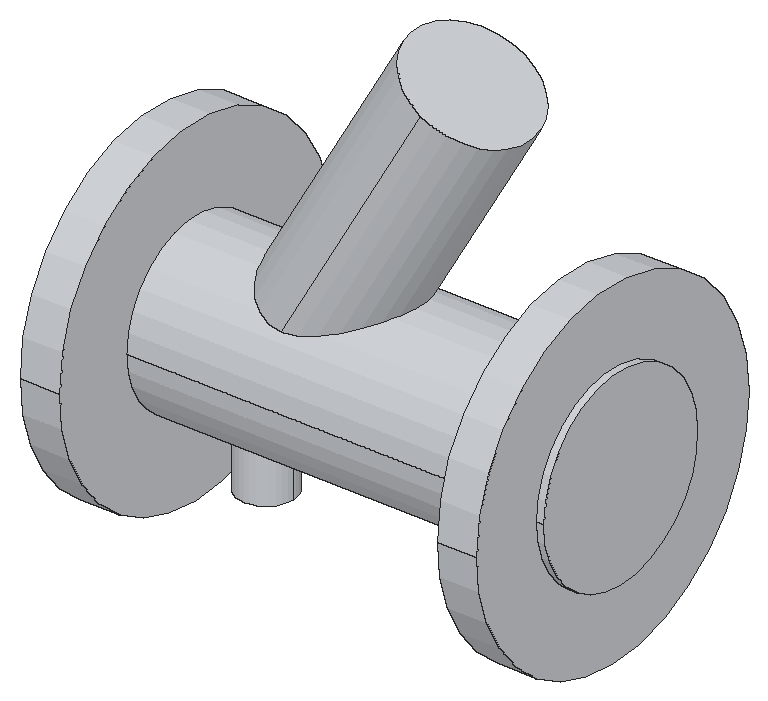
Revit family "HS 821-síto_jemné-PN16-DN025-RFA_2019", category Pipe Accessories, Revit 2019
Family settings
  Round Connector Dimension = Use Diameter
  Part Type = Breaks Into
  Work Plane-Based = No
  Always vertical = Yes
  Cut with Voids When Loaded = No
  Shared = No
Parameters (values of type "821A-DN025-PN16-síto_jemné")
  magiProductId = "be378b463ed14c3abf4c9b3ae8cf3a"
  magiProductFamilyId = "79214ac3aaa945e397802f559f5c1e"
  magiPartTypeId = 307
  isMeasuringValve [instance] = no
  ang2D [instance] = 0.00°
  ZB__ve = -ZB  # -19.25 mm
  ZB1 = 26.325 mm
  ZB = 19.25 mm
  X2 = 58.601 mm
  X1 = 22.4 mm
  W2D = 15 mm
  VersionID = "2.0/2017.9.26.1/ZETKAMA_821_001"
  Use Minimum Symbol Size [instance] = yes
  URL = "www.hydronix.cz"
  Type Comments = "Filtr přírubový; síto jemné; A-PN16 (-10~300°C); D-PN25 (-10~350°C); F-PN40 (-10~400°C)"
  S = 65 mm
  QmdConnectorList = "301;D;302;D"
  Productdata [instance] = ""
  Manufacturer = "Hydronix"
  MC Product Code = "210 125 (821A; DN025; PN16; kvs14,2; oko síta 0,63mm)"
  LM1 = 12.8 mm
  LM = 128 mm
  L4 = 40 mm
  L2D_Min = 3048 mm
  L2D = 130 mm
  L2 = 80 mm
  HH2 = 101.5 mm
  FD = 115 mm
  Description = "Filtr přírubový; síto jemné; 821A-PN16; 821D-PN25; 821F-PN40"
  DM1 = 43.2 mm
  DM = 58.5 mm
  D = 25 mm
  CC = 2.72 mm
  CAT0 = yes
  C1 = 13.28 mm
  C = 16 mm
  BD = 18.427 mm
Types (40, lengths in mm): name | magiProductId | ZB__ve | ZB1 | ZB | X2 | X1 | S | MC Product Code | LM1 | LM | L4 | L2 | HH2 | FD | DM1 | DM | D | CC | C1 | C | BD
  821A-DN015-PN16-síto_jemné | "a71bcfe8b393460598b23e8ddf7dc5" | -16.25 | 18.63 | 16.25 | 46.982 | 18.2 | 46 | "210 115 (821A; DN015; PN16; kvs6,2; oko síta 0,63mm)" | 10.4 | 104 | 32.5 | 65 | 81.375 | 95 | 27.6 | 41.4 | 15 | 2.21 | 10.79 | 13 | 13.041
  821A-DN020-PN16-síto_jemné | "41cd6c7a12924f4991217528336076" | -17.75 | 22.68 | 17.75 | 51.673 | 21 | 56 | "210 120 (821A; DN020; PN16; kvs9,6; oko síta 0,63mm)" | 12 | 120 | 37.5 | 75 | 89.5 | 105 | 33.6 | 50.4 | 20 | 2.55 | 12.45 | 15 | 15.876
  821A-DN025-PN16-síto_jemné | "be378b463ed14c3abf4c9b3ae8cf3a" | -19.25 | 26.325 | 19.25 | 58.601 | 22.4 | 65 | "210 125 (821A; DN025; PN16; kvs14,2; oko síta 0,63mm)" | 12.8 | 128 | 40 | 80 | 101.5 | 115 | 43.2 | 58.5 | 25 | 2.72 | 13.28 | 16 | 18.427
  821A-DN032-PN16-síto_jemné | "227a0d18b21540afabe8b6067d35fa" | -23 | 30.78 | 23 | 68.849 | 25.2 | 76 | "210 132 (821A; DN032; PN16; kvs23,1; oko síta 0,63mm)" | 14.4 | 144 | 45 | 90 | 119.25 | 140 | 50.4 | 68.4 | 32 | 3.06 | 14.94 | 18 | 21.546
  821A-DN040-PN16-síto_jemné | "d106917c74724141a10440112d0102" | -24.5 | 34.02 | 24.5 | 75.777 | 28 | 84 | "210 140 (821A; DN040; PN16; kvs36,6; oko síta 0,63mm)" | 16 | 160 | 50 | 100 | 131.25 | 150 | 60 | 75.6 | 40 | 3.4 | 16.6 | 20 | 23.814
  821A-DN050-PN16-síto_jemné | "8255d456a09e4f6486734f5dd9171b" | -26.75 | 40.095 | 26.75 | 79.061 | 32.2 | 99 | "210 150 (821A; DN050 PN16; kvs53,7; oko síta 0,63mm)" | 18.4 | 184 | 57.5 | 115 | 136.938 | 165 | 73.8 | 89.1 | 50 | 3.91 | 19.09 | 23 | 28.066
  821A-DN065-PN16-síto_jemné | "235b1b3e4c0843779a4d5e3716d40a" | -29.75 | 47.79 | 29.75 | 86.927 | 40.6 | 118 | "210 165 (821A; DN065; PN16; kvs95,1; oko síta 0,63mm)" | 23.2 | 232 | 72.5 | 145 | 150.562 | 185 | 94.2 | 106.2 | 65 | 4.93 | 24.07 | 29 | 33.453
  821A-DN080-PN16-síto_jemné | "a067f7c5236348ed8c820d16df7214" | -32 | 53.46 | 32 | 104.753 | 43.4 | 132 | "210 180 (821A; DN080; PN16; kvs137,1; oko síta 0,63mm)" | 24.8 | 248 | 77.5 | 155 | 181.438 | 200 | 107.4 | 118.8 | 80 | 5.27 | 25.73 | 31 | 37.422
  821A-DN100-PN16-síto_jemné | "c49a648c2747461285837d643703cd" | -35 | 63.18 | 35 | 114.857 | 49 | 156 | "210 190 (821A; DN100; PN16; kvs206,4; oko síta 0,63mm)" | 28 | 280 | 87.5 | 175 | 198.937 | 220 | 131.4 | 140.4 | 100 | 5.95 | 29.05 | 35 | 44.226
  821A-DN125-PN16-síto_jemné | "bf68e728a163493cbd2a663b26ebdc" | -39.5 | 74.52 | 39.5 | 131.888 | 56 | 184 | "210 191 (821A; DN125; PN16; kvs268,8; oko síta 0,63mm)" | 32 | 320 | 100 | 200 | 228.438 | 250 | 165 | 165.6 | 125 | 6.8 | 33.2 | 40 | 52.164
  821A-DN150-PN16-síto_jemné | "2de770284b654863ae6bc865769dc5" | -44.75 | 85.455 | 44.75 | 155.885 | 67.2 | 211 | "210 192 (821A; DN150; PN16; kvs401,4; oko síta 0,63mm)" | 38.4 | 384 | 120 | 240 | 270 | 285 | 192 | 189.9 | 150 | 8.16 | 39.84 | 48 | 59.818
  821A-DN200-PN16-síto_jemné | "8e5693371ab64aabb29a7f08c76e15" | -53 | 107.73 | 53 | 188.361 | 84 | 266 | "210 193 (821A; DN200; PN16; kvs706,7; oko síta 0,63mm)" | 48 | 480 | 150 | 300 | 326.25 | 340 | 252 | 239.4 | 200 | 10.2 | 49.8 | 60 | 75.411
  821A-DN250-PN16-síto_jemné | "05e37ed948c34047acdd4c42556504" | -62.75 | 129.195 | 62.75 | 255.911 | 102.2 | 319 | "210 194 (821A; DN250; PN16; kvs1229,4; oko síta 0,63mm)" | 58.4 | 584 | 182.5 | 365 | 443.25 | 405 | 309.6 | 287.1 | 250 | 12.41 | 60.59 | 73 | 90.436
  821A-DN300-PN16-síto_jemné | "9ad0af747269428da925480d83ce80" | -71 | 149.85 | 71 | 325.914 | 119 | 370 | "210 195 (821A; DN300; PN16; kvs1902,4; oko síta 0,63mm)" | 68 | 680 | 212.5 | 425 | 564.5 | 460 | 369.6 | 333 | 300 | 14.45 | 70.55 | 85 | 104.895
  821A-DN350-PN16-síto_jemné | "eebc71459bb3451bb4355e7951370a" | -80 | 173.745 | 80 | 356.875 | 137.2 | 429 | "200 196 (821A; DN350; PN16; kvs2611,0; oko síta 0,63mm)" | 78.4 | 784 | 245 | 490 | 618.125 | 520 | 438 | 386.1 | 350 | 16.66 | 81.34 | 98 | 121.621
  821A-DN400-PN16-síto_jemné | "d2f677cb196647e385b2590e7d8abe" | -89 | 194.4 | 89 | 392.237 | 154 | 480 | "210 197 (821A; DN400; PN16; kvs3438,4; oko síta 0,63mm)" | 88 | 880 | 275 | 550 | 679.375 | 580 | 498 | 432 | 400 | 18.7 | 91.3 | 110 | 136.08
  821D-DN015-PN25-síto_jemné | "27ddcbf555414f8ca1fde329bf9087" | -16.25 | 18.63 | 16.25 | 46.982 | 18.2 | 46 | "210 215 (821D; DN015; PN25; kvs6,2; oko síta 0,63mm)" | 10.4 | 104 | 32.5 | 65 | 81.375 | 95 | 27.6 | 41.4 | 15 | 2.21 | 10.79 | 13 | 13.041
  821D-DN020-PN25-síto_jemné | "270e0f14012f47189cd0235c18faee" | -17.75 | 22.68 | 17.75 | 51.673 | 21 | 56 | "210 220 (821D; DN020; PN25; kvs9,6; oko síta 0,63mm)" | 12 | 120 | 37.5 | 75 | 89.5 | 105 | 33.6 | 50.4 | 20 | 2.55 | 12.45 | 15 | 15.876
  821D-DN025-PN25-síto_jemné | "b9a7fb4aa36643878c637d8e1ab992" | -19.25 | 26.325 | 19.25 | 58.601 | 22.4 | 65 | "210 225 (821D; DN025; PN25; kvs14,2; oko síta 0,63mm)" | 12.8 | 128 | 40 | 80 | 101.5 | 115 | 43.2 | 58.5 | 25 | 2.72 | 13.28 | 16 | 18.427
  821D-DN032-PN25-síto_jemné | "6be9a55c4e68400f94eec7e804204c" | -23 | 30.78 | 23 | 68.849 | 25.2 | 76 | "210 232 (821D; DN032; PN25; kvs23,1; oko síta 0,63mm)" | 14.4 | 144 | 45 | 90 | 119.25 | 140 | 50.4 | 68.4 | 32 | 3.06 | 14.94 | 18 | 21.546
  821D-DN040-PN25-síto_jemné | "c54511bd7f584ec2984291479612cb" | -24.5 | 34.02 | 24.5 | 75.777 | 28 | 84 | "210 240 (821D; DN040; PN25; kvs36,6; oko síta 0,63mm)" | 16 | 160 | 50 | 100 | 131.25 | 150 | 60 | 75.6 | 40 | 3.4 | 16.6 | 20 | 23.814
  821D-DN050-PN25-síto_jemné | "5483b1f596b04cd39b23a14a22c90e" | -26.75 | 40.095 | 26.75 | 79.061 | 32.2 | 99 | "210 250 (821D; DN050; PN25; kvs53,7; oko síta 0,63mm)" | 18.4 | 184 | 57.5 | 115 | 136.938 | 165 | 73.8 | 89.1 | 50 | 3.91 | 19.09 | 23 | 28.066
  821D-DN065-PN25-síto_jemné | "767b0f8318e94750bc7a9930ed5b30" | -29.75 | 47.79 | 29.75 | 86.927 | 40.6 | 118 | "210 265 (821D; DN065; PN25; kvs95,1; oko síta 0,63mm)" | 23.2 | 232 | 72.5 | 145 | 150.562 | 185 | 94.2 | 106.2 | 65 | 4.93 | 24.07 | 29 | 33.453
  821D-DN080-PN25-síto_jemné | "e21040fa3cc2404b858198f6b73709" | -32 | 53.46 | 32 | 104.753 | 43.4 | 132 | "210 280 (821D; DN080; PN25; kvs137,1; oko síta 0,63mm)" | 24.8 | 248 | 77.5 | 155 | 181.438 | 200 | 107.4 | 118.8 | 80 | 5.27 | 25.73 | 31 | 37.422
  821D-DN100-PN25-síto_jemné | "175ca87a506b40b3bc6b82f12f33cf" | -37.25 | 63.18 | 37.25 | 114.857 | 49 | 156 | "210 290 (821D; DN100; PN25; kvs206,4; oko síta 0,63mm)" | 28 | 280 | 87.5 | 175 | 198.937 | 235 | 131.4 | 140.4 | 100 | 5.95 | 29.05 | 35 | 44.226
  821D-DN125-PN25-síto_jemné | "77cc98d60da24855999a22dff726b2" | -42.5 | 74.52 | 42.5 | 131.888 | 56 | 184 | "210 291 (821D; DN125; PN25; kvs268,8; oko síta 0,63mm)" | 32 | 320 | 100 | 200 | 228.438 | 270 | 165 | 165.6 | 125 | 6.8 | 33.2 | 40 | 52.164
  821D-DN150-PN25-síto_jemné | "9cf8acfcd15547d68e83172d3abcbe" | -47 | 85.455 | 47 | 155.885 | 67.2 | 211 | "210 292 (821D; DN150; PN25; kvs401,4; oko síta 0,63mm)" | 38.4 | 384 | 120 | 240 | 270 | 300 | 192 | 189.9 | 150 | 8.16 | 39.84 | 48 | 59.818
  821D-DN200-PN25-síto_jemné | "16973f3c9ea14389ba8602495a6b64" | -56 | 110.97 | 56 | 188.361 | 84 | 274 | "210 293 (821D; DN200; PN25; kvs706,7; oko síta 0,63mm)" | 48 | 480 | 150 | 300 | 326.25 | 360 | 252 | 246.6 | 200 | 10.2 | 49.8 | 60 | 77.679
  821F-DN015-PN40-síto_jemné | "4c7eaf3c4c0340888b3e684d8a8616" | -16.25 | 18.225 | 16.25 | 46.982 | 18.2 | 45 | "250 615 (821F; DN015; PN40; kvs6,2; oko síta 0,63mm)" | 10.4 | 104 | 32.5 | 65 | 81.375 | 95 | 27.6 | 40.5 | 15 | 2.21 | 10.79 | 13 | 12.757
  821F-DN020-PN40-síto_jemné | "aaac5f1ec96b44d6ba96ac2293d66d" | -17.75 | 23.49 | 17.75 | 51.673 | 21 | 58 | "250 620 (821F; DN020; PN40; kvs9,6; oko síta 0,63mm)" | 12 | 120 | 37.5 | 75 | 89.5 | 105 | 33.6 | 52.2 | 20 | 2.55 | 12.45 | 15 | 16.443
  821F-DN025-PN40-síto_jemné | "504768023968471481789485b54c7e" | -19.25 | 27.54 | 19.25 | 58.601 | 22.4 | 68 | "250 625 (821F; DN025; PN40; kvs14,2; oko síta 0,63mm)" | 12.8 | 128 | 40 | 80 | 101.5 | 115 | 43.2 | 61.2 | 25 | 2.72 | 13.28 | 16 | 19.278
  821F-DN032-PN40-síto_jemné | "165e7f39cf744f329bdf1c400dad12" | -23 | 31.59 | 23 | 68.849 | 25.2 | 78 | "250 632 (821F; DN032; PN40; kvs23,1; oko síta 0,63mm)" | 14.4 | 144 | 45 | 90 | 119.25 | 140 | 50.4 | 70.2 | 32 | 3.06 | 14.94 | 18 | 22.113
  821F-DN040-PN40-síto_jemné | "b8903f952089408fbf3a5a632bab1f" | -24.5 | 35.64 | 24.5 | 75.777 | 28 | 88 | "250 640 (821F; DN040; PN40; kvs36,6; oko síta 0,63mm)" | 16 | 160 | 50 | 100 | 131.25 | 150 | 60 | 79.2 | 40 | 3.4 | 16.6 | 20 | 24.948
  821F-DN050-PN40-síto_jemné | "c451f97266fe48da8f879cb6a2bd44" | -26.75 | 41.31 | 26.75 | 79.061 | 32.2 | 102 | "250 650 (821F; DN050; PN40; kvs53,7; oko síta 0,63mm)" | 18.4 | 184 | 57.5 | 115 | 136.938 | 165 | 73.8 | 91.8 | 50 | 3.91 | 19.09 | 23 | 28.917
  821F-DN065-PN40-síto_jemné | "dc9821e3f9b34e128f6a8c6b34c198" | -29.75 | 49.41 | 29.75 | 86.927 | 40.6 | 122 | "250 665 (821F; DN065; PN40; kvs95,1; oko síta 0,63mm)" | 23.2 | 232 | 72.5 | 145 | 150.562 | 185 | 94.2 | 109.8 | 65 | 4.93 | 24.07 | 29 | 34.587
  821F-DN080-PN40-síto_jemné | "689aa1e260f84cf4994f027a1d86b5" | -32 | 55.89 | 32 | 104.753 | 43.4 | 138 | "250 680 (821F; DN080; PN40; kvs137,1; oko síta 0,63mm)" | 24.8 | 248 | 77.5 | 155 | 181.438 | 200 | 107.4 | 124.2 | 80 | 5.27 | 25.73 | 31 | 39.123
  821F-DN100-PN40-síto_jemné | "8a45d4e8e2ab425f8c432f21d684f3" | -37.25 | 65.61 | 37.25 | 114.857 | 49 | 162 | "250 690 (821F; DN100; PN40; kvs206,4; oko síta 0,63mm)" | 28 | 280 | 87.5 | 175 | 198.937 | 235 | 131.4 | 145.8 | 100 | 5.95 | 29.05 | 35 | 45.927
  821F-DN125-PN40-síto_jemné | "cf073904c006406b8645afa67ea2fc" | -42.5 | 76.14 | 42.5 | 131.888 | 56 | 188 | "250 691 (821F; DN125; PN40; kvs268,8; oko síta 0,63mm)" | 32 | 320 | 100 | 200 | 228.438 | 270 | 165 | 169.2 | 125 | 6.8 | 33.2 | 40 | 53.298
  821F-DN150-PN40-síto_jemné | "0153b9ddabe14992a630484929fdbc" | -47 | 88.29 | 47 | 155.885 | 67.2 | 218 | "250 692 (821F; DN150; PN40; kvs401,4; oko síta 0,63mm)" | 38.4 | 384 | 120 | 240 | 270 | 300 | 192 | 196.2 | 150 | 8.16 | 39.84 | 48 | 61.803
  821F-DN200-PN40-síto_jemné | "7fb3fc01dd8d42428c203e3f8dd4d5" | -56 | 115.425 | 56 | 188.361 | 84 | 285 | "250 693 (821F; DN200; PN40; kvs706,7; oko síta 0,63mm)" | 48 | 480 | 150 | 300 | 326.25 | 360 | 252 | 256.5 | 200 | 10.2 | 49.8 | 60 | 80.797
Reference planes
  plane 1 "Center (Front/Back)": y = 0
  plane 2 "XYPLANE": z = 0
  plane 3 "Center (Left/Right)": x = 0
  plane 4 "109": x = -51.2
  plane 5 "108": x = 64
  plane 6 "107": x = -64
  plane 7 "105": x = 80
  plane 8 "104": x = -80
  plane 9 "103": y = 0
  plane 10 "102": z = 0
  plane 11 "101": x = -77.28
  plane 12 "100": x = 77.28
  plane 13 "11": x = -28.8
  plane 14 "10": z = 101.5
  plane 15 "9": x = 29.801
  plane 16 "5": z = -26.325
  plane 17 "4": x = -40
  plane 18 "1": x = 40
Forms (mm)
  Extrusion 1, solid, visible <- "CAT0"
    sketch origin (-64, -750, 0) x (0, 1, 0) y (0, 0, 1)
      loop
        circle (750, 0) r 29.25
    from 0 to 128 <- "LM"
  Extrusion 2, solid
    sketch origin (-80, -750, 0) x (0, 1, 0) y (0, 0, 1)
      loop
        circle (750, 0) r 32.5
    from 0 to 2.72 <- "CC"
  Extrusion 3, solid
    sketch origin (-77.28, -750, 0) x (0, 1, 0) y (0, 0, 1)
      loop
        circle (750, 0) r 57.5
    from 0 to 13.28 <- "C1"
  Extrusion 4, solid
    sketch origin (64, -750, 0) x (0, 1, 0) y (0, 0, 1)
      loop
        circle (750, 0) r 57.5
    from 0 to 13.28 <- "C1"
  Extrusion 5, solid
    sketch origin (77.28, -750, 0) x (0, 1, 0) y (0, 0, 1)
      loop
        circle (750, 0) r 32.5
    from 0 to 2.72 <- "CC"
  Sweep 6, solid, visible <- "CAT0"
    path origin (750, 0, 0) x (-1, 0, 0) y (0, 0, 1)
      loop
        line (814, 0) -> (778.8, 0) -> (720.199, 101.5)
    profile origin (-64, 0, 0) x (0, 0, -1) y (0, 1, 0)
      loop
        circle (0, 0) r 21.6
  Extrusion 7, solid, visible <- "CAT0"
    sketch origin (-750, 0, -26.325) x (1, 0, 0) y (0, 1, 0)
      loop
        circle (710, 0) r 9.214
    from 0 to -19.25 <- "ZB__ve"
  Extrusion 8, solid, visible <- "CAT0"
    sketch origin (-750, 0, -26.325) x (1, 0, 0) y (0, 1, 0)
      loop
        circle (790, 0) r 9.214
    from 0 to -19.25 <- "ZB__ve"
  Extrusion 9, solid, not visible
    sketch origin (80, -750, 0) x (0, 1, 0) y (0, 0, 1)
      loop
        circle (750, 0) r 10
    from 0 to -10
  Extrusion 10, solid, not visible
    sketch origin (-80, -750, 0) x (0, 1, 0) y (0, 0, 1)
      loop
        circle (750, 0) r 10
    from 0 to 10
Lines and regions (mm)
  reference lines, not visible
    curve 1: circle (2, 2, 0) r 1 normal (0, 0, 1)
Dimensions and locks
  plane 1 "Center (Front/Back)" to curve 1 = 2 mm
  "LM1": plane 6 "107" to plane 4 "109"
  "LM": plane 6 "107" to plane 5 "108"
  "C": plane 8 "104" to plane 6 "107"
  "L2": plane 3 "Center (Left/Right)" to plane 7 "105"
  "L2": plane 3 "Center (Left/Right)" to plane 8 "104"
  locked: plane 1 "Center (Front/Back)" to plane 9 "103"
  locked: plane 2 "XYPLANE" to plane 10 "102"
  "CC": plane 8 "104" to plane 11 "101"
  "C1": plane 5 "108" to plane 12 "100"
  "X1": plane 4 "109" to plane 13 "11"
  "HH2": plane 2 "XYPLANE" to plane 14 "10"
  "X2": plane 13 "11" to plane 15 "9"
  "ZB1": plane 2 "XYPLANE" to plane 16 "5"
  "L4": plane 8 "104" to plane 17 "4"
  "L2": plane 17 "4" to plane 18 "1"
  Sweep 6 sketch curve to Sweep 6 sketch curve = 0 mm  (x2)
  "DM": diameter of Extrusion 1 sketch curve
  "S": diameter of Extrusion 2 sketch curve
  "FD": diameter of Extrusion 3 sketch curve
  "FD": diameter of Extrusion 4 sketch curve
  "S": diameter of Extrusion 5 sketch curve
  "DM1": diameter of Sweep 6 sketch curve
  "BD": diameter of Extrusion 7 sketch curve
  "BD": diameter of Extrusion 8 sketch curve
  aligned and locked: level to plane 2 "XYPLANE"
  aligned and locked: Extrusion 1 sketch curve to plane 9 "103"
  aligned and locked: plane 10 "102" to Extrusion 1 sketch curve
  aligned and locked: Extrusion 2 sketch curve to plane 9 "103"
  aligned and locked: plane 10 "102" to Extrusion 2 sketch curve
  aligned and locked: Extrusion 3 sketch curve to plane 9 "103"
  aligned and locked: plane 10 "102" to Extrusion 3 sketch curve
  aligned and locked: Extrusion 4 sketch curve to plane 9 "103"
  aligned and locked: plane 10 "102" to Extrusion 4 sketch curve
  aligned and locked: Extrusion 5 sketch curve to plane 9 "103"
  aligned and locked: plane 10 "102" to Extrusion 5 sketch curve
  aligned and locked: Sweep 6 sketch curve to plane 9 "103"
  aligned and locked: plane 10 "102" to Sweep 6 sketch curve  (x3)
  aligned and locked: plane 6 "107" to Sweep 6 sketch curve
  aligned and locked: plane 13 "11" to Sweep 6 sketch curve
  aligned and locked: plane 14 "10" to Sweep 6 sketch curve
  aligned and locked: plane 15 "9" to Sweep 6 sketch curve
  aligned and locked: plane 9 "103" to Extrusion 7 sketch curve
  aligned and locked: plane 17 "4" to Extrusion 7 sketch curve
  aligned and locked: plane 9 "103" to Extrusion 8 sketch curve
  aligned and locked: plane 18 "1" to Extrusion 8 sketch curve
  aligned and locked: Extrusion 9 sketch curve to plane 9 "103"
  aligned and locked: plane 10 "102" to Extrusion 9 sketch curve
  aligned and locked: Extrusion 10 sketch curve to plane 9 "103"
  aligned and locked: plane 10 "102" to Extrusion 10 sketch curve
Automatic sketch dimensions
  plane 1 "Center (Front/Back)" to Extrusion 9 sketch curve = 10 mm
  plane 1 "Center (Front/Back)" to Extrusion 10 sketch curve = 10 mm
  plane 3 "Center (Left/Right)" to curve 1 = 2 mm
  radius of curve 1 = 1 mm
Connectors
  piping at (-80, 0, 0), diameter 25, driven by "D"
    settings: on Extrusion 10, index 1, connector inside diameter 609.6 mm, connector length 0 mm, flow factor 0, pipe flow 0.0 L/s, pressure drop 0.0 Pa, fitting loss kfactor 0, connector angle 0.00°, fixture units 0, engagement length 0 mm, angle of deflection 0.00°, flow configuration 0, flow direction 0, fitting loss method 0, system type 29, joint type 0, gender type 0, connector reference index 2, connector utility 0, adjustable connector no, is connector primary yes, connector description ""
  piping at (80, 0, 0), diameter 25, driven by "D"
    settings: on Extrusion 9, index 2, connector inside diameter 609.6 mm, connector length 0 mm, flow factor 0, pipe flow 0.0 L/s, pressure drop 0.0 Pa, fitting loss kfactor 0, connector angle 0.00°, fixture units 0, engagement length 0 mm, angle of deflection 0.00°, flow configuration 0, flow direction 0, fitting loss method 0, system type 29, joint type 0, gender type 0, connector reference index 1, connector utility 0, adjustable connector no, is connector primary no, connector description ""
